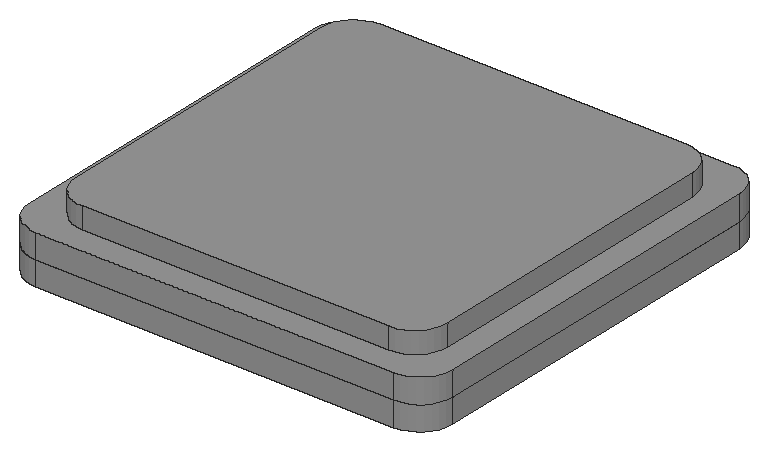
Revit family "FMS2_63_UN_Surface-mounted_ETK", category Lighting Fixtures, Revit 2019 (continued)
Definition of nested family "FMS.2 - Lightsource"
  Types (14, lengths in mm): name | Wattage Comments | Wattage | built-in parameter 1150134 | Photometric Web File | built-in parameter 1150142 | built-in parameter 1150105 | Lumens | built-in parameter 1150107 | built-in parameter 1150106 | Apparent Load
      37\t240.5702\t236.7034\t232.9747\t229.1079\t225.3792\r\n221.5124\t217.7837\t214.055\t210.3263\t206.4595\t202.7308\t199.0021\t195.2734\t190.9923\t186.7112\r\n182.5682\t178.2871\t174.1441\t170.0011\t165.8581\t161.7151\t157.5721\t153.4291\t149.4242\t145.2812\r\n141.2763\t137.2438\t133.2389\t129.2478\t125.2705\t121.307\t117.3574\t113.4353\t109.5685\t105.8675\r\n102.1802\t98.5205\t94.8609\t91.2012\t87.583\t83.9786\t80.4018\t76.8388\t73.3035\t69.7819\r\n66.288\t62.7941\t59.3278\t55.8615\t52.4228\t47.3821\t37.7704\t28.1586\t18.533\t8.9033\r\n0\t0\t0\t0\t0\t0\t0\t0\t0\t0\r\n0\r\n502.9602\t502.5459\t501.9935\t501.7173\t501.4411\t501.1649\t500.8887\t500.4744\t500.0601\t499.6458\r\n499.2315\t498.6791\t498.1267\t497.5743\t496.8838\t496.1933\t495.5028\t494.8123\t493.9837\t493.1551\r\n492.1884\t491.2217\t490.3931\t489.4264\t488.4597\t487.493\t486.3882\t485.1453\t483.9024\t482.6595\r\n481.4166\t480.1737\t478.7927\t477.2736\t475.8926\t474.3735\t472.8544\t471.4734\t469.8162\t468.159\r\n466.5018\t464.8446\t463.1874\t461.5302\t459.7349\t457.9396\t456.0062\t454.2109\t452.2775\t450.206\r\n448.2726\t446.3392\t444.2677\t442.1962\t440.1247\t437.9151\t435.8436\t433.634\t431.5625\t429.2148\r\n427.0052\t424.6575\t422.3098\t420.1002\t417.7525\t415.2667\t412.2285\t409.1903\t406.014\t402.8377\r\n399.6614\t396.4851\t393.3088\t390.2706\t387.0943\t383.7799\t380.6036\t377.2892\t374.1129\t370.7985\r\n367.4841\t364.1697\t360.9934\t357.679\t354.3646\t350.9121\t347.5977\t344.1452\t340.8308\t337.5164\r\n334.0639\t330.6114\t327.1589\t323.8445\t320.392\t317.0776\t313.6251\t310.1726\t306.7201\t303.2676\r\n299.8151\t296.3626\t292.9101\t289.5957\t286.1432\t282.6907\t279.2382\t275.7857\t272.057\t268.1902\r\n264.1853\t260.1804\t256.3136\t252.3087\t248.1657\t244.1608\t240.1559\t236.2891\t232.2842\t228.2793\r\n224.4125\t220.4076\t216.5408\t212.5359\t208.6691\t204.6642\t200.7974\t196.9306\t193.0638\t189.197\r\n185.3302\t181.6015\t177.7347\t174.006\t170.1392\t165.9962\t161.7151\t157.5721\t153.291\t149.148\r\n145.005\t140.862\t136.7742\t132.6727\t128.5849\t124.5248\t120.4922\t116.5012\t112.5239\t108.5742\r\n104.6384\t100.7163\t96.8081\t93.038\t89.4059\t85.8153\t82.2385\t78.7032\t75.1816\t71.6877\r\n68.2214\t64.7689\t61.344\t57.933\t54.5495\t51.1799\t47.824\t44.482\t34.9807\t24.9409\r\n14.8872\t4.8073\t0\t0\t0\t0\t0\t0\t0\t0\r\n0\r\n502.9602\t502.5459\t502.1316\t501.9935\t501.7173\t501.5792\t501.303\t501.0268\t500.6125\t500.3363\r\n499.922\t499.3696\t498.8172\t498.2648\t497.7124\t497.16\t496.4695\t495.779\t494.9504\t494.1218\r\n493.2932\t492.3265\t491.4979\t490.6693\t489.7026\t488.5978\t487.493\t486.2501\t485.0072\t483.7643\r\n482.5214\t481.1404\t479.7594\t478.3784\t476.8593\t475.3402\t473.9592\t472.302\t470.6448\t468.9876\r\n467.3304\t465.6732\t463.8779\t462.2207\t460.2873\t458.492\t456.4205\t454.4871\t452.5537\t450.4822\r\n448.4107\t446.3392\t444.2677\t442.0581\t439.9866\t437.777\t435.5674\t433.2197\t430.872\t428.5243\r\n426.3147\t423.8289\t421.4812\t419.1335\t416.6477\t414.1619\t411.538\t408.9141\t406.4283\t403.8044\r\n401.3186\t398.6947\t395.9327\t393.3088\t390.6849\t387.9229\t385.1609\t381.9846\t378.6702\t375.3558\r\n371.9033\t368.5889\t365.1364\t361.6839\t358.3695\t354.917\t351.4645\t348.012\t344.4214\t340.9689\r\n337.5164\t334.0639\t330.4733\t326.8827\t323.4302\t319.9777\t316.3871\t312.6584\t309.0678\t305.6153\r\n302.0247\t298.4341\t294.8435\t291.2529\t287.6623\t284.0717\t280.4811\t276.8905\t273.2999\t269.5712\r\n265.9806\t262.39\t258.7994\t255.0707\t251.4801\t247.8895\t244.2989\t240.5702\t236.9796\t233.2509\r\n229.1079\t224.9649\t220.96\t216.817\t212.674\t208.531\t204.5261\t200.5212\t196.3782\t192.3733\r\n188.3684\t184.3635\t180.3586\t176.3537\t172.4869\t168.482\t164.6152\t160.6103\t156.7435\t152.8767\r\n149.0099\t145.2812\t141.4144\t137.2576\t133.0179\t128.8197\t124.6491\t120.5475\t116.4735\t112.4134\r\n108.3809\t104.3622\t100.3849\t96.4352\t92.4994\t88.605\t84.7244\t80.899\t77.1979\t73.6902\r\n70.21\t66.7713\t63.3741\t60.0045\t56.6624\t53.3342\t50.0198\t46.733\t43.4739\t40.2147\r\n33.434\t22.676\t11.8849\t1.0588\t0\t0\t0\t0\t0\t0\r\n0\r\n502.9602\t502.684\t502.2697\t502.1316\t502.1316\t501.9935\t501.7173\t501.5792\t501.303\t500.8887\r\n500.6125\t500.0601\t499.6458\t499.2315\t498.6791\t498.1267\t497.4362\t496.7457\t496.0552\t495.2266\r\n494.398\t493.5694\t492.7408\t491.9122\t490.9455\t489.8407\t488.5978\t487.493\t486.3882\t485.2834\r\n483.9024\t482.5214\t481.0023\t479.6213\t478.2403\t476.8593\t475.2021\t473.683\t472.0258\t470.3686\r\n468.7114\t466.9161\t465.1208\t463.3255\t461.3921\t459.4587\t457.5253\t455.4538\t453.5204\t451.4489\r\n449.3774\t447.1678\t445.0963\t442.8867\t440.6771\t438.3294\t435.9817\t433.634\t431.2863\t428.9386\r\n426.4528\t423.967\t421.6193\t418.9954\t416.5096\t413.8857\t411.2618\t408.6379\t405.8759\t403.252\r\n400.49\t397.8661\t395.1041\t392.3421\t389.442\t386.68\t383.7799\t381.0179\t377.9797\t375.0796\r\n372.1795\t369.2794\t366.3793\t363.3411\t360.3029\t357.2647\t354.2265\t351.1883\t348.1501\t345.1119\r\n341.9356\t338.8974\t335.8592\t332.1305\t328.4018\t324.8112\t321.2206\t317.4919\t313.9013\t310.1726\r\n306.4439\t302.7152\t299.1246\t295.3959\t291.6672\t287.8004\t284.0717\t280.343\t276.4762\t272.7475\r\n269.0188\t265.2901\t261.4233\t257.6946\t253.8278\t250.0991\t246.2323\t242.5036\t238.6368\t234.77\r\n231.0413\t227.3126\t223.4458\t219.579\t215.8503\t211.9835\t208.2548\t204.5261\t200.7974\t196.9306\r\n193.2019\t189.4732\t185.4683\t181.3253\t177.0442\t172.9012\t168.7582\t164.6152\t160.6103\t156.4673\r\n152.4624\t148.3194\t144.3145\t140.3096\t136.3047\t132.355\t128.4882\t124.6629\t120.8237\t117.0121\r\n113.2282\t109.4304\t105.2184\t101.0754\t97.0152\t93.0103\t89.0469\t85.111\t81.2166\t77.3636\r\n73.5521\t69.7819\t66.067\t62.4074\t59.0239\t55.6819\t52.3675\t49.0669\t45.8078\t42.5624\r\n39.3447\t36.1546\t32.9921\t21.5298\t9.4198\t0\t0\t0\t0\t0\r\n0\r\n502.9602\t502.684\t502.4078\t502.4078\t502.4078\t502.2697\t502.2697\t501.9935\t501.8554\t501.5792\r\n501.303\t500.8887\t500.4744\t500.0601\t499.6458\t499.0934\t498.541\t497.8505\t497.16\t496.3314\r\n495.6409\t494.8123\t494.1218\t493.2932\t492.3265\t491.2217\t490.1169\t489.0121\t488.0454\t486.8025\r\n485.4215\t484.0405\t482.6595\t481.4166\t480.0356\t478.5165\t476.9974\t475.3402\t473.8211\t472.1639\r\n470.3686\t468.5733\t466.778\t464.9827\t463.0493\t461.1159\t459.1825\t457.2491\t455.1776\t453.1061\r\n450.8965\t448.825\t446.6154\t444.4058\t442.1962\t439.8485\t437.5008\t435.1531\t432.6673\t430.1815\r\n427.6957\t425.348\t422.7241\t420.1002\t417.4763\t414.8524\t412.2285\t409.4665\t406.7045\t403.9425\r\n401.3186\t398.5566\t395.6565\t392.7564\t389.8563\t386.9562\t384.0561\t381.0179\t378.1178\t375.0796\r\n372.0414\t369.1413\t366.1031\t362.9268\t359.7505\t356.7123\t353.536\t350.3597\t347.1834\t344.1452\r\n340.9689\t337.5164\t334.202\t331.0257\t327.8494\t324.535\t321.2206\t317.7681\t314.4537\t311.1393\r\n307.8249\t304.5105\t301.1961\t297.7436\t294.2911\t290.8386\t287.248\t283.9336\t280.6192\t277.1667\r\n273.5761\t270.1236\t266.6711\t263.0805\t259.628\t255.7612\t251.8944\t247.8895\t243.8846\t239.8797\r\n236.0129\t232.008\t228.1412\t224.1363\t220.1314\t215.9884\t211.9835\t208.1167\t204.1118\t200.1069\r\n196.102\t192.0971\t188.0922\t184.2254\t180.3586\t176.4918\t172.4869\t168.482\t164.4771\t160.6103\r\n156.7435\t152.8767\t149.0099\t145.1431\t141.4144\t137.589\t133.7913\t129.7864\t125.6158\t121.4728\r\n117.3712\t113.2696\t109.1957\t105.2046\t101.2411\t97.2776\t93.4108\t89.5855\t85.8015\t82.0866\r\n78.4132\t74.5878\t70.7348\t66.9371\t63.1946\t59.5073\t55.8615\t52.2432\t48.625\t45.0206\r\n41.43\t37.8256\t34.1936\t30.603\t27.0814\t20.2869\t6.702\t0\t0\t0\r\n0\r\n502.9602\t502.8221\t502.5459\t502.684\t502.684\t502.684\t502.684\t502.5459\t502.4078\t502.2697\r\n501.9935\t501.7173\t501.4411\t501.0268\t500.6125\t500.1982\t499.7839\t499.0934\t498.4029\t497.7124\r\n497.0219\t496.3314\t495.779\t494.8123\t493.9837\t492.8789\t491.7741\t490.8074\t489.8407\t488.5978\r\n487.3549\t485.9739\t484.731\t483.35\t482.1071\t480.588\t479.0689\t477.5498\t476.0307\t474.3735\r\n472.5782\t470.921\t469.1257\t467.1923\t465.397\t463.4636\t461.5302\t459.5968\t457.5253\t455.4538\r\n453.3823\t451.3108\t449.1012\t446.8916\t444.5439\t442.3343\t439.9866\t437.5008\t435.015\t432.6673\r\n430.1815\t427.6957\t425.2099\t422.586\t419.9621\t417.2001\t414.4381\t411.8142\t409.0522\t406.2902\r\n403.6663\t400.7662\t397.728\t394.8279\t391.9278\t389.0277\t386.1276\t383.0894\t380.0512\t377.013\r\n374.1129\t370.9366\t367.7603\t364.584\t361.4077\t358.2314\t355.0551\t351.8788\t348.7025\t345.3881\r\n342.0737\t338.7593\t335.4449\t332.1305\t328.8161\t325.3636\t321.9111\t318.5967\t315.2823\t311.9679\r\n308.5154\t304.9248\t301.4723\t297.8817\t294.4292\t290.9767\t287.3861\t283.9336\t280.343\t276.7524\r\n273.1618\t269.5712\t265.8425\t262.2519\t258.6613\t255.0707\t251.342\t247.7514\t244.0227\t240.4321\r\n236.7034\t232.9747\t229.246\t225.3792\t221.7886\t218.0599\t214.3312\t210.6025\t206.7357\t203.007\r\n199.2783\t195.6877\t191.959\t188.2303\t184.3635\t180.4967\t176.768\t172.9012\t169.3106\t165.5819\r\n161.8532\t157.9864\t154.3958\t150.6671\t146.9384\t142.7954\t138.7905\t134.6613\t130.6288\t126.6515\r\n122.688\t118.766\t114.8302\t110.8529\t106.917\t103.1055\t99.3077\t95.5238\t91.7675\t88.0388\r\n84.3515\t80.7609\t77.2808\t73.7454\t69.7957\t65.9013\t62.1864\t58.4992\t54.729\t50.8484\r\n46.9264\t42.1896\t37.3975\t32.5916\t27.8548\t23.9465\t20.3559\t16.8206\t4.1223\t0\r\n0\r\n502.9602\t502.8221\t502.8221\t502.8221\t502.9602\t503.0983\t503.2364\t503.0983\t503.0983\t502.9602\r\n502.8221\t502.5459\t502.2697\t501.9935\t501.7173\t501.303\t500.8887\t500.3363\t499.7839\t499.0934\r\n498.541\t497.9886\t497.4362\t496.6076\t495.779\t494.6742\t493.7075\t492.8789\t491.9122\t490.6693\r\n489.4264\t488.1835\t487.0787\t485.8358\t484.5929\t483.0738\t481.6928\t480.1737\t478.6546\t476.9974\r\n475.3402\t473.683\t472.0258\t470.2305\t468.2971\t466.5018\t464.7065\t462.7731\t460.7016\t458.7682\r\n456.6967\t454.6252\t452.5537\t450.3441\t447.9964\t445.7868\t443.5772\t441.0914\t438.6056\t436.2579\r\n433.9102\t431.4244\t428.9386\t426.3147\t423.6908\t420.9288\t418.3049\t415.5429\t412.919\t410.2951\r\n407.5331\t404.633\t401.5948\t398.8328\t395.9327\t393.0326\t390.1325\t387.0943\t383.918\t381.0179\r\n378.1178\t375.0796\t371.9033\t368.727\t365.5507\t362.3744\t359.1981\t356.0218\t352.8455\t349.393\r\n346.0786\t342.7642\t339.5879\t336.1354\t332.6829\t329.3685\t325.916\t322.6016\t319.4253\t315.9728\r\n312.5203\t308.9297\t305.3391\t301.8866\t298.4341\t294.8435\t291.2529\t287.6623\t284.0717\t280.4811\r\n276.8905\t273.2999\t269.5712\t265.8425\t262.2519\t258.6613\t254.9326\t251.2039\t247.4752\t243.7465\r\n240.0178\t236.2891\t232.5604\t228.6936\t224.9649\t221.0981\t217.3694\t213.5026\t209.7739\t205.9071\r\n202.1784\t198.4497\t194.721\t190.7161\t186.7112\t182.8444\t178.9776\t175.2489\t171.6583\t167.6534\r\n163.7866\t159.9198\t156.053\t152.1862\t148.3194\t144.5907\t140.7239\t137.0642\t133.3494\t129.3997\r\n125.45\t121.6661\t117.8683\t114.2363\t110.6043\t106.9584\t103.2988\t99.6392\t95.9795\t92.5408\r\n89.0883\t85.5115\t81.9347\t78.5513\t75.1816\t71.9225\t68.6633\t65.5008\t62.3383\t59.1482\r\n55.9581\t53.0995\t50.2408\t47.244\t44.2472\t41.2229\t38.2123\t35.5193\t32.8402\t30.4234\r\n14.2519\r\n502.9602\t502.8221\t502.684\t502.684\t502.8221\t502.8221\t502.8221\t502.8221\t502.684\t502.4078\r\n502.2697\t501.9935\t501.7173\t501.303\t501.0268\t500.6125\t500.0601\t499.5077\t498.8172\t498.1267\r\n497.4362\t496.8838\t496.1933\t495.3647\t494.5361\t493.5694\t492.4646\t491.4979\t490.5312\t489.2883\r\n488.0454\t486.8025\t485.5596\t484.1786\t482.9357\t481.4166\t480.0356\t478.5165\t476.9974\t475.2021\r\n473.5449\t471.8877\t470.2305\t468.2971\t466.3637\t464.5684\t462.7731\t460.7016\t458.7682\t456.6967\r\n454.6252\t452.5537\t450.3441\t448.1345\t445.9249\t443.5772\t441.3676\t438.8818\t436.396\t434.0483\r\n431.5625\t429.0767\t426.5909\t423.967\t421.3431\t418.7192\t415.9572\t413.3333\t410.5713\t407.9474\r\n405.1854\t402.2853\t399.3852\t396.4851\t393.585\t390.6849\t387.7848\t384.7466\t381.7084\t378.8083\r\n375.7701\t372.7319\t369.5556\t366.5174\t363.3411\t360.1648\t356.9885\t353.8122\t350.6359\t347.3215\r\n344.0071\t340.6927\t337.3783\t334.0639\t330.6114\t327.297\t323.9826\t320.6682\t317.3538\t314.0394\r\n310.4488\t306.9963\t303.5438\t300.0913\t296.6388\t293.1863\t289.5957\t286.0051\t282.4145\t278.8239\r\n275.3714\t271.7808\t268.1902\t264.4615\t260.8709\t257.1422\t253.5516\t249.961\t246.2323\t242.6417\r\n238.913\t235.3224\t231.5937\t227.865\t224.1363\t220.4076\t216.5408\t212.8121\t209.2215\t205.4928\r\n201.7641\t198.0354\t194.3067\t190.4399\t186.7112\t182.9825\t179.2538\t175.6632\t171.9345\t168.0677\r\n164.2009\t160.3341\t156.7435\t153.1529\t149.5623\t145.4193\t141.2763\t137.1057\t133.0593\t129.1373\r\n125.1738\t121.1551\t117.164\t113.2144\t109.32\t105.536\t101.7935\t97.9267\t94.1013\t90.3726\r\n86.6992\t83.1638\t79.7389\t76.2588\t72.2815\t68.3733\t64.7137\t61.0954\t57.5325\t54.0109\r\n50.5446\t46.6916\t42.8662\t39.0685\t35.2707\t31.473\t27.7167\t24.0156\t6.0239\t0\r\n0\r\n502.9602\t502.8221\t502.5459\t502.5459\t502.5459\t502.5459\t502.5459\t502.4078\t502.2697\t501.9935\r\n501.7173\t501.4411\t501.1649\t500.7506\t500.3363\t499.7839\t499.3696\t498.6791\t498.1267\t497.2981\r\n496.6076\t495.9171\t495.2266\t494.398\t493.5694\t492.4646\t491.3598\t490.3931\t489.4264\t488.1835\r\n486.9406\t485.5596\t484.3167\t482.9357\t481.6928\t480.1737\t478.7927\t477.2736\t475.6164\t473.9592\r\n472.302\t470.5067\t468.8495\t467.0542\t465.1208\t463.3255\t461.3921\t459.4587\t457.3872\t455.4538\r\n453.3823\t451.1727\t449.1012\t446.8916\t444.682\t442.4724\t440.1247\t437.777\t435.4293\t432.9435\r\n430.4577\t428.11\t425.6242\t423.0003\t420.5145\t417.8906\t415.1286\t412.5047\t409.8808\t407.1188\r\n404.4949\t401.7329\t398.8328\t396.0708\t393.1707\t390.2706\t387.3705\t384.4704\t381.4322\t378.5321\r\n375.632\t372.5938\t369.5556\t366.5174\t363.4792\t360.3029\t357.2647\t354.0884\t350.9121\t347.8739\r\n344.6976\t341.3832\t338.0688\t335.0306\t331.7162\t328.4018\t325.0874\t321.773\t318.5967\t315.2823\r\n312.106\t308.6535\t305.201\t301.7485\t298.4341\t295.1197\t291.8053\t288.3528\t284.9003\t281.4478\r\n277.8572\t274.4047\t271.0903\t267.7759\t264.1853\t260.3185\t256.3136\t252.3087\t248.4419\t244.5751\r\n240.5702\t236.5653\t232.6985\t228.6936\t224.8268\t220.8219\t216.817\t212.8121\t208.8072\t204.8023\r\n200.7974\t196.9306\t193.0638\t189.197\t185.1921\t181.1872\t177.3204\t173.3155\t169.4487\t165.4438\r\n161.577\t157.7102\t153.9815\t150.1147\t146.2479\t142.3811\t138.5143\t134.5094\t130.2973\t126.1682\r\n122.0804\t118.0617\t114.0706\t110.1071\t106.1575\t102.2078\t98.2167\t94.2809\t90.4417\t86.713\r\n83.0395\t79.2004\t75.3059\t71.4529\t67.6414\t63.8851\t60.1978\t56.5658\t53.0028\t49.4398\r\n45.8492\t42.2862\t38.7923\t35.3122\t31.8735\t24.278\t8.0485\t0\t0\t0\r\n0\r\n502.9602\t502.684\t502.4078\t502.4078\t502.4078\t502.2697\t502.2697\t501.9935\t501.8554\t501.5792\r\n501.303\t500.8887\t500.6125\t500.0601\t499.6458\t499.2315\t498.6791\t498.1267\t497.2981\t496.6076\r\n495.779\t495.0885\t494.398\t493.5694\t492.6027\t491.636\t490.5312\t489.4264\t488.4597\t487.3549\r\n486.112\t484.731\t483.4881\t482.1071\t480.7261\t479.3451\t477.826\t476.445\t474.7878\t473.2687\r\n471.6115\t469.8162\t468.159\t466.3637\t464.5684\t462.635\t460.8397\t458.9063\t456.9729\t454.9014\r\n452.8299\t450.7584\t448.6869\t446.6154\t444.4058\t442.1962\t439.9866\t437.6389\t435.4293\t432.9435\r\n430.5958\t428.2481\t425.7623\t423.4146\t420.7907\t418.3049\t415.8191\t413.1952\t410.5713\t407.9474\r\n405.3235\t402.6996\t399.9376\t397.1756\t394.4136\t391.6516\t388.8896\t385.9895\t383.0894\t380.1893\r\n377.4273\t374.6653\t371.6271\t368.727\t365.6888\t362.7887\t359.8886\t356.8504\t353.8122\t350.774\r\n347.7358\t344.6976\t341.6594\t337.9307\t334.3401\t330.7495\t327.297\t323.5683\t319.8396\t316.1109\r\n312.5203\t308.9297\t305.3391\t301.7485\t297.8817\t294.0149\t290.4243\t286.6956\t282.9669\t279.3763\r\n275.6476\t271.7808\t268.0521\t264.1853\t260.4566\t256.7279\t253.1373\t249.2705\t245.4037\t241.675\r\n237.9463\t234.2176\t230.3508\t226.6221\t222.8934\t219.0266\t215.2979\t211.5692\t207.8405\t204.1118\r\n200.3831\t196.6544\t192.7876\t188.5065\t184.3635\t180.2205\t176.0775\t171.9345\t167.7915\t163.6485\r\n159.5055\t155.6387\t151.6338\t147.6289\t143.4859\t139.481\t135.5866\t131.6783\t127.8254\t124.0414\r\n120.2713\t116.4873\t112.2339\t108.008\t103.8788\t99.8049\t95.7585\t91.7536\t87.7625\t83.8267\r\n79.9185\t76.0793\t72.2815\t68.5114\t64.8656\t61.3164\t57.781\t54.2733\t50.7932\t47.3407\r\n43.902\t40.4771\t37.0937\t24.1951\t10.5771\t0\t0\t0\t0\t0\r\n0\r\n502.9602\t502.684\t502.4078\t502.2697\t502.1316\t501.9935\t501.8554\t501.7173\t501.4411\t501.1649\r\n500.8887\t500.4744\t500.0601\t499.6458\t499.0934\t498.541\t497.9886\t497.4362\t496.7457\t496.0552\r\n495.2266\t494.398\t493.5694\t492.8789\t491.9122\t490.9455\t489.9788\t488.7359\t487.6311\t486.6644\r\n485.5596\t484.1786\t482.9357\t481.5547\t480.1737\t478.7927\t477.4117\t475.8926\t474.3735\t472.8544\r\n471.3353\t469.6781\t467.8828\t466.2256\t464.4303\t462.7731\t460.8397\t458.9063\t457.111\t455.1776\r\n453.2442\t451.1727\t449.1012\t447.0297\t444.9582\t442.8867\t440.6771\t438.4675\t436.2579\t434.0483\r\n431.7006\t429.491\t427.1433\t424.7956\t422.4479\t419.9621\t417.6144\t415.1286\t412.6428\t410.157\r\n407.5331\t404.9092\t402.4234\t399.9376\t397.3137\t394.5517\t391.9278\t388.8896\t385.5752\t382.2608\r\n378.8083\t375.4939\t372.1795\t368.8651\t365.5507\t362.0982\t358.6457\t355.3313\t351.8788\t348.5644\r\n345.1119\t341.6594\t338.0688\t334.6163\t331.1638\t327.7113\t324.1207\t320.6682\t317.2157\t313.6251\r\n310.1726\t306.582\t302.9914\t299.4008\t295.9483\t292.4958\t289.0433\t285.4527\t281.724\t278.1334\r\n274.5428\t271.0903\t267.4997\t264.0472\t260.4566\t256.7279\t253.1373\t249.5467\t245.9561\t242.3655\r\n238.2225\t234.2176\t230.0746\t225.9316\t221.9267\t217.9218\t213.9169\t209.7739\t205.769\t201.7641\r\n197.6211\t193.6162\t189.7494\t185.7445\t181.8777\t178.0109\t174.006\t170.1392\t166.1343\t162.2675\r\n158.4007\t154.672\t150.9433\t146.8003\t142.5192\t138.2381\t133.9846\t
